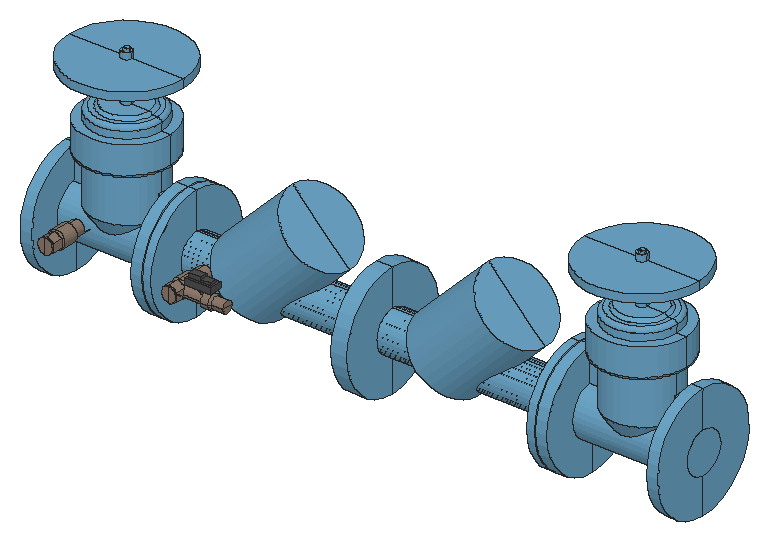
Revit family "Double_Check_Valve_Assembly-Backflow_Prevention-WATTS-LF709_Series (1)", category Pipe Accessories, Revit 2019 (continued)
Types (19): name | Width | Strainer Diameter | R - Test Cock Dist. from Center | OSY Shutoff Valve | OSY | NRS Shutoff Valve | Nominal Width | Nominal Diameter | NRS | N - Strainer Height | M - Strainer Length | L - Nominal Length | IOT | D - Radius | C - Height | A - Length | Inlet Radius | Cylinder Height | Connection Size | Cold Water Connection Radius | Check Valve Diameter
  LF709NRS-3" | 7 1/8" | 4 13/16" | 5" | Gate_Valves-Flanged-WATTS-408-OSY-RW_Series : 408-OSYRW 3" | no | Gate_Valves-WATTS-405-NRS-RW_Series : 405-NRS-RW-3 | 2 3/4" | 4 243/256" | yes | 10" | 10 1/8" | 24 1/8" | no | 3 3/4" | 10 1/4" | 40 3/8" | 1 1/2" | 3" | 3" | 1 1/2" | 1 1/2"
  LF709NRS-4" | 8 1/8" | 5 5/16" | 6" | Gate_Valves-Flanged-WATTS-408-OSY-RW_Series : 408-OSYRW 4" | no | Gate_Valves-WATTS-405-NRS-RW_Series : 405-NRS-RW-4 | 3 1/2" | 7 1/16" | yes | 12" | 12 1/8" | 34 1/8" | no | 4 1/2" | 12 3/16" | 52 3/8" | 2" | 4 3/4" | 4" | 2" | 2 1/2"
  LF709OSY-6" | 9 7/8" | 9 11/32" | 11" | Gate_Valves-Flanged-WATTS-408-OSY-RW_Series : 408-OSYRW 6" | yes | Gate_Valves-WATTS-405-NRS-RW_Series : 405-NRS-RW-2 | 4 3/4" | 9 29/32" | no | 20" | 18 1/2" | 41 1/8" | no | 5 1/2" | 30 1/8" | 62 7/8" | 3" | 5 1/2" | 6" | 3" | 4 1/4"
  LF709OSY-8" | 10 1/2" | 11 1/16" | 11 1/4" | Gate_Valves-Flanged-WATTS-408-OSY-RW_Series : 408-OSYRW 8" | yes | Gate_Valves-WATTS-405-NRS-RW_Series : 405-NRS-RW-2 | 5 1/2" | 12 23/32" | no | 22 3/4" | 21 5/8" | 52" | no | 6 1/2" | 37 3/4" | 75" | 4" | 7" | 8" | 4" | 5"
  LF709NRS-10" | 12" | 14 3/32" | 12 1/2" | Gate_Valves-Flanged-WATTS-408-OSY-RW_Series : 408-OSYRW 10" | no | Gate_Valves-WATTS-405-NRS-RW_Series : 405-NRS-RW-10 | 6 1/4" | 15 9/16" | yes | 28" | 26" | 64" | no | 8" | 23 13/16" | 90" | 5" | 9 1/4" | 10" | 5" | 6 1/2"
  LF709NRS-IOT-2.5" | 6 5/8" | 4 21/32" | 4" | Gate_Valves-Flanged-WATTS-408-OSY-RW_Series : 408-OSYRW 2-1/2" | no | Gate_Valves-WATTS-405-NRS-RW_Series : 405-NRS-RW-2-1/2 | 2 3/4" | 4 243/256" | yes | 10" | 10" | 24 1/8" | yes | 3 1/2" | 9 3/8" | 39 3/8" | 1 1/4" | 3" | 2 1/2" | 1 1/4" | 1"
  LF709NRS-IOT-3" | 7 1/8" | 4 13/16" | 5" | Gate_Valves-Flanged-WATTS-408-OSY-RW_Series : 408-OSYRW 3" | no | Gate_Valves-WATTS-405-NRS-RW_Series : 405-NRS-RW-3 | 2 3/4" | 4 243/256" | yes | 10" | 10 1/8" | 24 1/8" | yes | 3 3/4" | 10 1/4" | 40 3/8" | 1 1/2" | 3" | 3" | 1 1/2" | 1 1/2"
  LF709NRS-IOT-4" | 8 1/8" | 5 5/16" | 6" | Gate_Valves-Flanged-WATTS-408-OSY-RW_Series : 408-OSYRW 4" | no | Gate_Valves-WATTS-405-NRS-RW_Series : 405-NRS-RW-4 | 3 1/2" | 7 1/16" | yes | 12" | 12 1/8" | 34 1/8" | yes | 4 1/2" | 12 3/16" | 52 3/8" | 2" | 4 3/4" | 4" | 2" | 2 1/2"
  LF709NRS-IOT-6" | 9 7/8" | 9 11/32" | 11" | Gate_Valves-Flanged-WATTS-408-OSY-RW_Series : 408-OSYRW 6" | no | Gate_Valves-WATTS-405-NRS-RW_Series : 405-NRS-RW-6 | 4 3/4" | 9 29/32" | yes | 20" | 18 1/2" | 41 1/8" | yes | 5 1/2" | 16" | 62 7/8" | 3" | 5 1/2" | 6" | 3" | 4 1/4"
  LF709NRS-IOT-8" | 10 1/2" | 11 1/16" | 11 1/4" | Gate_Valves-Flanged-WATTS-408-OSY-RW_Series : 408-OSYRW 8" | no | Gate_Valves-WATTS-405-NRS-RW_Series : 405-NRS-RW-8 | 5 1/2" | 12 23/32" | yes | 22 3/4" | 21 5/8" | 52" | yes | 6 1/2" | 19 15/16" | 75" | 4" | 7" | 8" | 4" | 5"
  LF709NRS-IOT-10" | 12" | 14 3/32" | 12 1/2" | Gate_Valves-Flanged-WATTS-408-OSY-RW_Series : 408-OSYRW 10" | no | Gate_Valves-WATTS-405-NRS-RW_Series : 405-NRS-RW-10 | 6 1/4" | 15 9/16" | yes | 28" | 26" | 64" | yes | 8" | 23 13/16" | 90" | 5" | 9 1/4" | 10" | 5" | 6 1/2"
